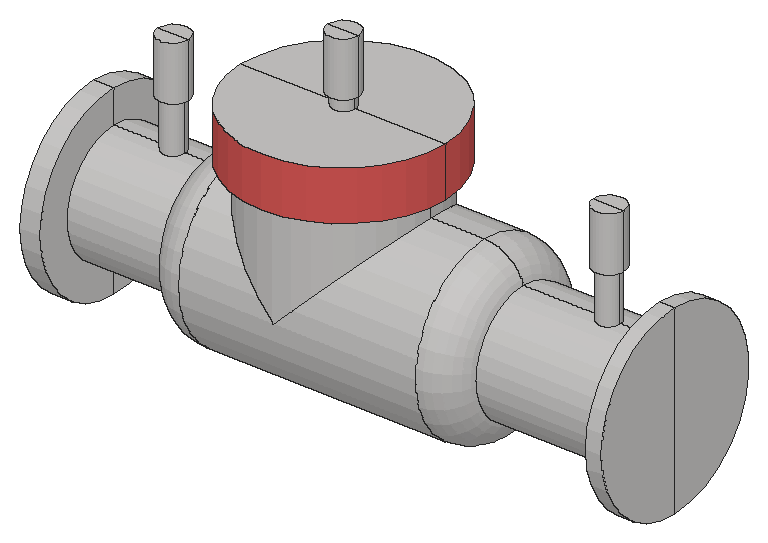
Revit family "Double_Check_Valve_Assemblies-Backflow_Prevention-LessShutoff-AMES-2000SSNRS_Series", category Pipe Accessories, Revit 2016
Family settings
  Part Type = Valve - Breaks Into
  Round Connector Dimension = Use Radius
  OmniClass Number = 23.65.55.14.21
  OmniClass Title = Non-Return Valves for Liquid Services
  Work Plane-Based = No
  Always vertical = Yes
  Cut with Voids When Loaded = No
  Shared = No
Parameters (values of type "2000SS-NRS - 2.5"")
  Width = 7"
  Valve_OAL = 22"
  URL = "http://www.watts.com"
  TC_Nipple_Rad = 27/64"
  TC_Body_Rad = 37/64"
  TC_Body_Length = 2 15/256"
  TC3_Dist = 19 1/2"
  TC2_Dist = 3"
  TC1_Dist = 1 1/2"
  Shipping Weight = 53 lbf
  Region = "North America"  # constant formula
  Product Page URL = "http://www.amesfirewater.com/Products/2000SS"
  Product Documentation Link = "http://media.wattswater.com/ES-A-2000SS.pdf"
  Pressure Rating = 175 psi  # constant formula
  OSY- UL/FM Outside Stem and Yoke, Resilient Seated Gate Valves = no
  NRS- Non-Rising Stern Resilient Seated Gate Valves = yes
  Model = "2000SS"  # constant formula
  Material = "Metal-AMES-304 Series-Stainless Steel"  # constant formula
  Manufacturer = "AMES Fire & Waterworks"  # constant formula
  Length = Valve_OAL  # 22"
  Installation Instructions = "http://www.watts.com/pdf/1911292.pdf"
  GV_Stem_Rad = 113/256"
  GV_Stem_Dist = 4"
  GV_Out_Flg_Ext_Dist = -73/128"
  GV_OSY_Stem_Hieght = 2 105/128"
  GV_Handle_Thk = 3/4"
  GV_Handle_Rad = 3 5/8"
  GV_Handle_Hieght = 13 3/4"
  GV_Flow_Rad = 1 77/128"
  GV_Flg_Thk = 73/128"
  GV_Flange_Rad = 3 1/2"
  GV_Bonnet_Height = 6"
  GV_Bonnet_Angle = 45.00°
  Flow Rate = "15 fps / 4.6 mps"
  Description = "Series 2000SS Double Check Valve Assemblies prevent the backflow of polluted water from entering into the potable water supply. It consists of a compact construction and short lay length, ideal for retrofit installations. It features a lightweight stainless steel body and low head loss. Series 2000SS is ideal in applications identified by local authorities as non-health hazard. Maximum Working Pressure: 175psi (12.06 bar)."  # constant formula
  Coupling_Thk = 1 225/256"
  Coupling_Rad = 3 7/8"
  Country = "United States"  # constant formula
  Connection_Rad = 1 1/4"
  Connection Type = "Flanged and/or Grooved Connections"  # constant formula
  Connection Size = Connection_Rad * 2  # 2 1/2"
  Connection Outlet Description = "2-1/2\" Flange Outlet"
  Connection Inlet Description = "2-1/2\" Flange Inlet"
  Chk_In_Cover = 9 113/256"
  Chk_In_Chk_Main = 4 45/128"
  Chk_Flow_Rad = 2 1/4"
  Chk_Flange_Thk = 3/4"
  Chk_Flange_Rad = 3 1/2"
  Chk_Cover_Rad = 3 41/128"
  Chk_Cover_Hieght = 6"
  Chk_Body_Rad = 3 41/128"
  Chk_Body_Length = 11 123/128"
  Chk_Body_Fillet = 1 1/2"
  CL_TC2-3 = 6 31/256"
  CL_TC1 = 4 9/64"
  CL_Cover_TC = 8 133/256"
  Assembly Code = "D2090900"
Types (7): name | Width | Valve_OAL | TC3_Dist | TC2_Dist | TC1_Dist | Shipping Weight | Length | GV_Stem_Rad | GV_Stem_Dist | GV_Out_Flg_Ext_Dist | GV_OSY_Stem_Hieght | GV_Handle_Thk | GV_Handle_Rad | GV_Handle_Hieght | GV_Flow_Rad | GV_Flg_Thk | GV_Flange_Rad | GV_Bonnet_Height | Flow Rate | Coupling_Thk | Coupling_Rad | Connection_Rad | Connection Size | Connection Outlet Description | Connection Inlet Description | Chk_In_Cover | Chk_In_Chk_Main | Chk_Flow_Rad | Chk_Flange_Thk | Chk_Flange_Rad | Chk_Cover_Rad | Chk_Cover_Hieght | Chk_Body_Rad | Chk_Body_Length | Chk_Body_Fillet | CL_TC2-3 | CL_TC1 | CL_Cover_TC
  2000SS-NRS - 2.5" | 7" | 22" | 19 1/2" | 3" | 1 1/2" | 53 lbf | 22" | 113/256" | 4" | -73/128" | 2 105/128" | 3/4" | 3 5/8" | 13 3/4" | 1 77/128" | 73/128" | 3 1/2" | 6" | "15 fps / 4.6 mps" | 1 225/256" | 3 7/8" | 1 1/4" | 2 1/2" | "2-1/2\" Flange Outlet" | "2-1/2\" Flange Inlet" | 9 113/256" | 4 45/128" | 2 1/4" | 3/4" | 3 1/2" | 3 41/128" | 6" | 3 41/128" | 11 123/128" | 1 1/2" | 6 31/256" | 4 9/64" | 8 133/256"
  2000SS-NRS - 3" | 7 1/2" | 22" | 19 1/2" | 3" | 1 1/2" | 55 lbf | 22" | 141/256" | 4" | -141/256" | 3 51/256" | 3/4" | 4" | 15 1/2" | 1 109/128" | 141/256" | 3 189/256" | 7" | "15 fps / 4.6 mps" | 1 225/256" | 3 7/8" | 1 1/2" | 3" | "3\" Flange Outlet" | "3\" Flange Inlet" | 9 113/256" | 4 45/128" | 2 1/4" | 3/4" | 3 189/256" | 3 41/128" | 6" | 3 41/128" | 11 123/128" | 1 1/2" | 6 31/256" | 4 9/64" | 8 133/256"
  2000SS-NRS - 4" | 9" | 22" | 19 1/2" | 3" | 1 57/64" | 58 lbf | 22" | 141/256" | 4 1/2" | -241/256" | 4 3/4" | 3/4" | 4 105/256" | 18" | 2 143/256" | 241/256" | 4 1/2" | 8" | "15 fps / 4.6 mps" | 1 225/256" | 3 7/8" | 2" | 4" | "4\" Flange Outlet" | "4\" Flange Inlet" | 9 113/256" | 4 45/128" | 2 1/4" | 241/256" | 4 1/2" | 3 41/128" | 6" | 3 41/128" | 11 123/128" | 1 1/2" | 6 31/256" | 5 13/128" | 8 133/256"
  2000SS-NRS - 6" | 11" | 27 1/2" | 24 3/4" | 2 1/4" | 2 13/128" | 105 lbf | 27 1/2" | 5/8" | 5 1/4" | -1" | 6 3/4" | 3/4" | 5 1/2" | 23 97/256" | 3 37/64" | 1" | 5 1/2" | 10" | "10 fps / 3 mps" | 2 41/128" | 4 7/8" | 3" | 6" | "6\" Flange Outlet" | "6\" Flange Inlet" | 11 151/256" | 3 17/32" | 3 41/128" | 1" | 5 1/2" | 4 41/128" | 7 37/64" | 4 87/256" | 17" | 2" | 7 31/256" | 7 23/64" | 11 115/256"
  2000SS-NRS - 8" | 13 1/2" | 29 1/2" | 25 159/256" | 3 223/256" | 2 113/256" | 169 lbf | 29 1/2" | 169/256" | 5 3/4" | -1 23/128" | 8 1/2" | 3/4" | 5 1/2" | 30 1/2" | 4 17/32" | 1 23/128" | 6 3/4" | 12" | "10 fps / 3 mps" | 2 41/128" | 5 7/8" | 4" | 8" | "8\" Flange Outlet" | "8\" Flange Inlet" | 13" | 3 33/256" | 4 21/64" | 1" | 6 3/4" | 5 3/8" | 9 37/128" | 6 23/64" | 23 69/256" | 2" | 10 115/128" | 8 79/256" | 13 39/64"
  2000SS-NRS - 10" | 16" | 29 1/2" | 25 241/256" | 4 49/256" | 2 143/256" | 179 lbf | 29 1/2" | 215/256" | 6 1/2" | -1 23/128" | 11 77/256" | 1" | 6 7/32" | 38" | 5 77/128" | 1 23/128" | 8" | 14" | "10 fps / 3 mps" | 2 41/128" | 5 7/8" | 5" | 10" | "10\" Flange Outlet" | "10\" Flange Inlet" | 13 1/32" | 2 51/128" | 5 51/128" | 1 31/256" | 8" | 5 3/8" | 9 67/256" | 6 23/64" | 24 179/256" | 2" | 10 233/256" | 9 95/256" | 13 39/64"
  2000SS-NRS - 12" | 19" | 29 1/2" | 23 159/256" | 4 95/256" | 2 159/256" | 209 lbf | 29 1/2" | 215/256" | 7" | -1 67/256" | 12 1/32" | 1" | 7" | 43 19/128" | 6 37/64" | 1 67/256" | 9 1/2" | 16" | "10 fps / 3 mps" | 2 41/128" | 5 7/8" | 6" | 12" | "12\" Flange Outlet" | "12\" Flange Inlet" | 13 1/4" | 2 51/128" | 6 3/8" | 1" | 9 1/2" | 5 3/8" | 9 77/256" | 7" | 24" | 2" | 11 105/128" | 10 23/64" | 13 159/256"
Reference planes (in)
  plane 1 "Center (Front/Back)": y = 0
  plane 2: z = 0
  plane 3 "GV1_Outlet": x = 8
  plane 4 "GV2_Inlet": x = 30
  plane 5: x = 19
  plane 6: x = 27.94839
  plane 7: x = 19
Forms (in)
  Revolve 1, solid, material "Metal-AMES-304 Series-Stainless Steel", detail levels fine
    sketch origin (0, 0, 0) x (1, 0, 0) y (0, 0, 1)
      loop
        line (8, 0) -> (8, -3.5) -> (8.75, -3.5) -> (8.75, -2.25) -> (29.42969, -2.25) -> (29.42969, -3.5) -> (30, -3.5) -> (30, 0) -> (8, 0)
      axis (8, 0) -> (30, 0)
    angle from 0 to 360
  Revolve 2, solid, material "Metal-AMES-304 Series-Stainless Steel", detail levels fine
    sketch origin (0, 0, 0) x (1, 0, 0) y (0, 0, 1)
      loop
        line (12.35156, 0) -> (24.3125, 0) -> (24.3125, 1.82031)
        arc (24.3125, 1.82031) -> (23.87316, 2.88097) -> (22.8125, 3.32031) r 1.5
        line (22.8125, 3.32031) -> (13.85156, 3.32031)
        arc (13.85156, 3.32031) -> (12.7909, 2.88097) -> (12.35156, 1.82031) r 1.5
        line (12.35156, 1.82031) -> (12.35156, 0)
      axis (12.35156, 0) -> (24.3125, 0)
    angle from 0 to 360
  Revolve 3, solid, material "Metal-AMES-304 Series-Stainless Steel", detail levels fine
    sketch origin (0, 0, 0) x (1, 0, 0) y (0, 0, 1)
      loop
        line (17.44141, 0) -> (17.44141, 6) -> (13.56641, 6) -> (13.56641, 4.12109) -> (14.12109, 4.12109) -> (14.12109, 0) -> (17.44141, 0)
      axis (17.44141, 6) -> (17.44141, 0)
    angle from 0 to 360
  Revolve 4, solid, material "Metal-AMES-304 Series-Stainless Steel", detail levels fine
    sketch origin (0, 0, 0) x (1, 0, 0) y (0, 0, 1)
      loop
        line (11, 0) -> (11, 6.12109) -> (10.42188, 6.12109) -> (10.42188, 4.0625) -> (10.57813, 4.0625) -> (10.57813, 0) -> (11, 0)
      axis (11, 6.12109) -> (11, 0)
    angle from 0 to 360
  Revolve 5, solid, material "Metal-AMES-304 Series-Stainless Steel", detail levels fine
    sketch origin (0, 0, 0) x (1, 0, 0) y (0, 0, 1)
      loop
        line (27.5, 0) -> (27.5, 6.12109) -> (26.92188, 6.12109) -> (26.92188, 4.0625) -> (27.07813, 4.0625) -> (27.07813, 0) -> (27.5, 0)
      axis (27.5, 6.12109) -> (27.5, 0)
    angle from 0 to 360
  Revolve 6, solid, material "Metal-AMES-304 Series-Stainless Steel", detail levels fine
    sketch origin (0, 0, 0) x (1, 0, 0) y (0, 0, 1)
      loop
        line (17.44141, 0) -> (17.44141, 8.51953) -> (16.86328, 8.51953) -> (16.86328, 6.46094) -> (17.01953, 6.46094) -> (17.01953, 0) -> (17.44141, 0)
      axis (17.44141, 8.51953) -> (17.44141, 0)
    angle from 0 to 360
Lines and regions (in)
  Masking region 1, detail levels fine
    outline origin (0, 0, 13.75) x (-1, 0, 0) y (0, -1, 0)
      loop
        line (-8, 3.5) -> (-8.75, 3.5) -> (-8.75, 2.25) -> (-12.35156, 2.25)
        arc (-12.35156, 2.25) -> (-12.66505, 3.00683) -> (-13.42188, 3.32031) r 1.07031
        line (-13.42188, 3.32031) -> (-23.24219, 3.32031)
        arc (-23.24219, 3.32031) -> (-23.99901, 3.00683) -> (-24.3125, 2.25) r 1.07031
        line (-24.3125, 2.25) -> (-29.42969, 2.25) -> (-29.42969, 3.5) -> (-30, 3.5) -> (-30, -3.5) -> (-29.42969, -3.5) -> (-29.42969, -2.25) -> (-24.3125, -2.25)
        arc (-24.3125, -2.25) -> (-23.99901, -3.00683) -> (-23.24219, -3.32031) r 1.07031
        line (-23.24219, -3.32031) -> (-13.42188, -3.32031)
        arc (-13.42188, -3.32031) -> (-12.66505, -3.00683) -> (-12.35156, -2.25) r 1.07031
        line (-12.35156, -2.25) -> (-8.75, -2.25) -> (-8.75, -3.5) -> (-8, -3.5) -> (-8, 3.5)
  symbolic lines, detail levels fine
    curve 1: line (8.75, 2.25, 13.75) -> (8.75, -2.25, 13.75)
    curve 2: line (29.42969, 2.25, 13.75) -> (29.42969, -2.25, 13.75)
    curve 3: circle (17.44141, 0, 13.75) r 0.57812 normal (0, 0, 1)
  model lines, detail levels coarse+medium
    curve 4: line (15.25, 1.5, 0) -> (19, -1.5, 0)
    curve 5: line (19, 1.5, 0) -> (22.75, -1.5, 0)
    curve 6: line (19, -1.5, 0) -> (19, 1.5, 0)
    curve 7: line (28.25, 1.5, 0) -> (22.75, -1.5, 0)
    curve 8: line (28.25, -1.5, 0) -> (22.75, 1.5, 0)
    curve 9: line (22.75, 1.5, 0) -> (22.75, -1.5, 0)
    curve 10: line (28.25, 1.5, 0) -> (28.25, -1.5, 0)
    curve 11: line (30, 0, 0) -> (28.25, 0, 0)
    curve 12: line (9.75, 1.5, 0) -> (15.25, -1.5, 0)
    curve 13: line (9.75, -1.5, 0) -> (15.25, 1.5, 0)
    curve 14: line (15.25, 1.5, 0) -> (15.25, -1.5, 0)
    curve 15: line (9.75, 1.5, 0) -> (9.75, -1.5, 0)
    curve 16: line (8, 0, 0) -> (9.75, 0, 0)
Dimensions and locks (in)
  "Valve_OAL": plane 4 "GV2_Inlet" to plane 3 "GV1_Outlet"
  "Chk_Flow_Rad": level to Revolve 1 sketch curve
  "Chk_Flange_Rad": level to Revolve 1 sketch curve
  "Chk_Flange_Thk": Revolve 1 sketch curve to Revolve 1 sketch curve
  "GV_Flg_Thk": Revolve 1 sketch curve to Revolve 1 sketch curve
  "Chk_Body_Rad": Revolve 2 sketch curve to level
  "Chk_In_Chk_Main": Revolve 2 sketch curve to plane 3 "GV1_Outlet"
  "Chk_Body_Length": Revolve 2 sketch curve to Revolve 2 sketch curve
  "Chk_In_Cover": Revolve 3 sketch curve to plane 3 "GV1_Outlet"
  "Coupling_Rad": Revolve 3 sketch curve to Revolve 3 sketch curve
  "Chk_Cover_Rad": Revolve 3 sketch curve to Revolve 3 sketch curve
  "Chk_Cover_Hieght": Revolve 3 sketch curve to level
  "Coupling_Thk": Revolve 3 sketch curve to Revolve 3 sketch curve
  "TC2_Dist": Revolve 4 sketch curve to plane 3 "GV1_Outlet"
  "TC_Body_Rad": Revolve 4 sketch curve to Revolve 4 sketch curve
  "TC_Nipple_Rad": Revolve 4 sketch curve to Revolve 4 sketch curve
  "TC_Body_Length": Revolve 4 sketch curve to Revolve 4 sketch curve
  "CL_TC2-3": Revolve 4 sketch curve to level
  "TC3_Dist": Revolve 5 sketch curve to plane 3 "GV1_Outlet"
  "TC_Body_Rad": Revolve 5 sketch curve to Revolve 5 sketch curve
  "TC_Nipple_Rad": Revolve 5 sketch curve to Revolve 5 sketch curve
  "Chk_In_Cover": Revolve 6 sketch curve to plane 3 "GV1_Outlet"
  "TC_Body_Rad": Revolve 6 sketch curve to Revolve 6 sketch curve
  "TC_Nipple_Rad": Revolve 6 sketch curve to Revolve 6 sketch curve
  "TC_Body_Length": Revolve 6 sketch curve to Revolve 6 sketch curve
  "CL_Cover_TC": Revolve 6 sketch curve to level
  "Chk_Flow_Rad": plane 1 "Center (Front/Back)" to Masking region 1 sketch curve
  "Chk_Flow_Rad": Masking region 1 sketch curve to plane 1 "Center (Front/Back)"
  "Chk_Body_Rad": Masking region 1 sketch curve to plane 1 "Center (Front/Back)"
  "Chk_Body_Rad": plane 1 "Center (Front/Back)" to Masking region 1 sketch curve
  locked: plane 5 to plane 6 at 8.94839
  "Chk_Flange_Rad": plane 1 "Center (Front/Back)" to Masking region 1 sketch curve
  "Chk_Flange_Rad": Masking region 1 sketch curve to plane 1 "Center (Front/Back)"
  "Chk_Body_Length": Masking region 1 sketch curve to Masking region 1 sketch curve  (x2)
  "Chk_In_Chk_Main": plane 3 "GV1_Outlet" to Masking region 1 sketch curve  (x2)
  "Chk_Body_Fillet": radius of Revolve 2 sketch curve  (x2)
  aligned and locked: level to Revolve 1 sketch curve
  aligned and locked: Revolve 1 sketch curve to Revolve 1 sketch curve
  aligned and locked: Revolve 1 sketch curve to plane 3 "GV1_Outlet"
  aligned and locked: plane 4 "GV2_Inlet" to Revolve 1 sketch curve
  aligned and locked: Revolve 1 sketch curve to level
  aligned and locked: Revolve 2 sketch curve to level  (x2)
  aligned and locked: Revolve 3 sketch curve to level
  aligned and locked: Revolve 3 sketch curve to Revolve 3 sketch curve
  aligned and locked: Revolve 4 sketch curve to level
  aligned and locked: Revolve 4 sketch curve to Revolve 4 sketch curve
  aligned and locked: Revolve 5 sketch curve to level
  aligned and locked: Revolve 4 to Revolve 5 sketch curve
  aligned and locked: Revolve 5 sketch curve to Revolve 4
  aligned and locked: Revolve 5 sketch curve to Revolve 5 sketch curve
  aligned and locked: Revolve 3 to Revolve 6 sketch curve
  aligned and locked: Revolve 6 sketch curve to Revolve 6 sketch curve
  aligned and locked: Revolve 1 to Masking region 1 sketch curve
  aligned and locked: Masking region 1 sketch curve to Revolve 1  (x3)
  aligned and locked: Masking region 1 sketch curve to Masking region 1 sketch curve  (x4)
  aligned and locked: curve 3 to Revolve 6  (x2)
  aligned and locked: curve 1 to Masking region 1  (x2)
  aligned and locked: Masking region 1 to curve 1
  aligned and locked: curve 2 to Revolve 1
  aligned and locked: curve 2 to Masking region 1
  aligned and locked: Masking region 1 to curve 2
  aligned and locked: plane 7 to plane 5
  aligned and locked: Masking region 1 sketch curve to plane 3 "GV1_Outlet"
  aligned and locked: Masking region 1 sketch curve to plane 4 "GV2_Inlet"
  aligned and locked: curve 11 to plane 1 "Center (Front/Back)"
  aligned and locked: curve 10 to curve 11
  aligned and locked: plane 4 "GV2_Inlet" to curve 11
  aligned and locked: curve 15 to curve 16
  aligned and locked: plane 3 "GV1_Outlet" to curve 16
Automatic sketch dimensions
  Revolve 3 sketch curve to level = 0"
  Revolve 3 sketch curve to Revolve 3 sketch curve = 0"
  level to Revolve 4 sketch curve = 0.12"
  Revolve 4 sketch curve to Revolve 4 sketch curve = 0"
  Revolve 5 sketch curve to level = 0"
  Revolve 5 sketch curve to Revolve 5 sketch curve = 0"
  Revolve 6 sketch curve to level = 0"
  Revolve 6 sketch curve to Revolve 6 sketch curve = 0"
  plane 1 "Center (Front/Back)" to curve 16 = 0"
  curve 5 to plane 5 = 0"
  curve 4 to plane 1 "Center (Front/Back)" = 1 1/2"
  curve 4 to plane 5 = 3 3/4"
  plane 3 "GV1_Outlet" to curve 12 = 1 3/4"
  curve 8 to plane 1 "Center (Front/Back)" = 1 1/2"
  plane 5 to curve 8 = 3 3/4"
  curve 8 to plane 6 = 0.30161"
  plane 1 "Center (Front/Back)" to curve 9 = 1 1/2"
  plane 1 "Center (Front/Back)" to curve 13 = 1 1/2"
  curve 8 to curve 11 = 1 1/2"
  plane 1 "Center (Front/Back)" to curve 14 = 1 1/2"
  plane 1 "Center (Front/Back)" to curve 6 = 1 1/2"
  curve 10 to plane 1 "Center (Front/Back)" = 1 1/2"
  curve 12 to plane 1 "Center (Front/Back)" = 1 1/2"
  curve 5 to plane 1 "Center (Front/Back)" = 1 1/2"
  Revolve 1 sketch curve to Revolve 1 sketch curve = 68.41868"
  Revolve 2 sketch curve to plane 3 "GV1_Outlet" = 68.41868"
  plane 4 "GV2_Inlet" to Revolve 1 sketch curve = 36.34541"
  plane 4 "GV2_Inlet" to Revolve 2 sketch curve = 36.34541"
Connectors (in)
  piping at (8, 0, 0), diameter 2.5, driven by "Connection Inlet Description", driven by "Connection_Rad"
    settings: on Revolve 1, index 3, connector inside diameter 24", connector length 0", flow factor 0, pipe flow 0 GPM, pressure drop 0.00 psi, fitting loss kfactor 0, connector angle 0.00°, fixture units 0, engagement length 0", angle of deflection 0.00°, flow configuration 0, flow direction 1, fitting loss method 0, system type 29, joint type 0, gender type 0, connector reference index -1, connector utility 0, adjustable connector no, is connector primary yes, connector description "2-1/2\" Flange Inlet"
  piping at (30, 0, 0), diameter 2.5, driven by "Connection Outlet Description", driven by "Connection_Rad"
    settings: on Revolve 1, index 4, connector inside diameter 24", connector length 0", flow factor 0, pipe flow 0 GPM, pressure drop 0.00 psi, fitting loss kfactor 0, connector angle 0.00°, fixture units 0, engagement length 0", angle of deflection 0.00°, flow configuration 0, flow direction 2, fitting loss method 0, system type 29, joint type 0, gender type 0, connector reference index -1, connector utility 0, adjustable connector no, is connector primary no, connector description "2-1/2\" Flange Outlet"
